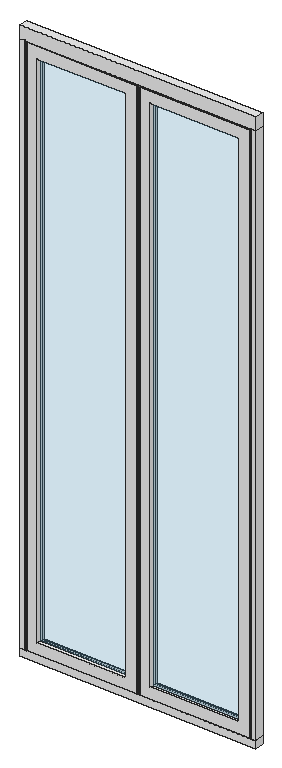
Revit family "Window-NanaWall-SL-45", category Windows, host Wall, Revit 2013
Parameters (values of type "Standard")
  Y N Override Stack [instance] = no
  Y N Overide Number of Panels [instance] = no
  Warranty URL = "http://www.nanawall.com/support/warranty"
  URL = "http://www.nanawall.com/"
  U Value = 0.57
  Thickness = 0' - 1 3/4"
  Subcategory = "Folding Window"  # constant formula
  Stack Thickness [instance] = 0' 1 3/4" * Overide Number of Panels  # 0' - 7"
  Split Stack Right [instance] = 0
  Split Stack [instance] = no
  Size Comment [instance] = if(or(Y N Override Stack, Y N Overide Number of Panels), "CONTACT NANAWALL FOR SPECIAL SIZING", " ")  # " "
  Size Chart [instance] = "http://www.nanawall.com/products/sl45/size"
  Single Right Stack [instance] = if(and(Y N Override Stack, Left Stack), 1 = 0, if(Right Standard = 1, 1 = 1, if(and(C Split Stack, Split Stack Right = 1), 1 = 1, 1 = 0)))  # yes
  Single Panel [instance] = if(and(Closed, Width < 3' 3 1/16"), 1 = 1, if(Width > 3' 3", 1 = 0, 1 = 0))  # no
  Single Left Stack [instance] = if(and(not(Y N Override Stack), (Left Standard = 1)), 1 = 1, if(and(Y N Override Stack, Left Stack, (Panels = 1)), 1 = 1, (if(and(C Split Stack, Split Stack Right = Panels - 1), 1 = 1, 1 = 0))))  # yes
  Sills Available = "Raised, Low Profile Saddle, Flush"  # constant formula
  Sash = Metal - NanaWall - Aluminum
  Rough Width = Width - (2 * (0' 0 121/128"))  # 3' - 10 7/64"
  Rough Height = Height + 0' 2 133/256"  # 9' - 8 133/256"
  Right Standard [instance] = roundup(Panels / 2)  # 1
  Right Stack Width [instance] = RS C * Thickness  # 0' - 3 1/2"
  Right Stack [instance] = yes
  RS C [instance] = if(RS = 1, 2, if(RS = 0, 2, if(C Split Stack, Split Stack Right, RS)))  # 2
  RS [instance] = if(Not Overide Stack, Right Standard, if(C Right Stack, Panels, if(C Left Stack, 2, if(C Split Stack, Split Stack Right, 2))))  # 1
  Product Page URL = "http://www.nanawall.com/products/sl45"
  Performance URL = "http://www.nanawall.com/products/sl45/testingresult"
  Panels [instance] = if(Y N Overide Number of Panels, Overide Number of Panels, Panel Constraint)  # 2
  Panel Width [instance] = Opening Width / Panels  # 1' - 11 7/128"
  Panel Height = Height Constraint - (0' 2 133/256")  # 9' - 3 123/256"
  Panel Constraint [instance] = if(Width < 4' 7", 2, if(Width < 6' 10", 2, if(Width < 9' 2", 3, if(Width < 11' 5", 4, if(Width < 13' 10", 5, if(Width < 16' 0", 6, if(Width < 18' 4", 7, if(Width < 20' 7", 8, if(Width < 22' 10", 10, if(Width < 33' 0", 11, if(Width < 36' 0", 12, if(Width < 39' 0", 13, if(Width < 42' 0", 14, if(Width < 45' 0", 15, if(Width < 48' 0", 16, if(Width < 51' 0", 17, if(Width < 54' 0", 18, if(Width < 57' 0", 19, if(Width < 60' 0", 20, 21)))))))))))))))))))  # 2
  Overide Number of Panels [instance] = 4
  Opening Width = Width - (0' 0 121/128" * 2)  # 3' - 10 7/64"
  Open Right Single [instance] = if(and(Open, Single Right Stack), 1 = 1, 1 = 0)  # no
  Open Right Multi [instance] = if(and(Open, Multiple Right Stack), 1 = 1, 1 = 0)  # no
  Open Left Single [instance] = if(and(Open, Single Left Stack), 1 = 1, 1 = 0)  # no
  Open Left Multi [instance] = if(and(Open, Multiple Left Stack), 1 = 1, 1 = 0)  # no
  Open [instance] = no
  Number of 2D Swings [instance] = 3
  Not Overide Stack [instance] = not(Y N Override Stack)  # yes
  NanaWall Configurator = "http://www.nanawall.com/products/sl45/options"
  Multiple Right Stack [instance] = if(Width < 3' 3 1/16", 1 = 0, if(and(Right Standard < 1.5, Not Overide Stack), 1 = 0, if(and(Right Standard > 1, Not Overide Stack), 1 = 1, (if(and(C Split Stack, Split Stack Right > 1), 1 = 1, if(C Right Stack, 1 = 1, 1 = 0))))))  # no
  Multiple Panel [instance] = if(and(Open, Width > 3' 3 1/16"), 1 = 0, if(and(Closed, Width > 3' 3 1/16"), 1 = 1, if(Width < 3' 3", 1 = 0, 1 = 1)))  # yes
  Multiple Left Stack [instance] = if(and(Left Standard > 1, Not Overide Stack), 1 = 1, (if(and(C Split Stack, Split Stack Right < Panels - 1), 1 = 1, if(C Left Stack, 1 = 1, 1 = 0))))  # no
  Max Panel Height = if(Panel Height > 9' 6", 9' 6", Panel Height)  # 9' - 3 123/256"
  Manufacturer Toll Free Phone = "(888) 411-NANA(6262)"  # constant formula
  Manufacturer Phone = "(415) 383-3148"  # constant formula
  Manufacturer Fax = "(415) 383-0312"  # constant formula
  Manufacturer Email = "mailto:info@nanawall.com"
  Manufacturer Address = "100 Meadowcreek Drive #250, Corte Madera, CA 94925"  # constant formula
  Left Standard [instance] = rounddown(Panels / 2)  # 1
  Left Stack Width [instance] = LS C * Thickness  # 0' - 3 1/2"
  Left Stack [instance] = no
  LS C [instance] = if(L S = 1, 2, if(L S = 0, 2, if(C Split Stack, Panels - Split Stack Right, L S)))  # 2
  L S [instance] = if(Not Overide Stack, Left Standard, if(C Left Stack, Panels, if(C Right Stack, 2, if(C Split Stack, Panels - Split Stack Right, 2))))  # 1
  Installation and Service URL = "http://www.nanawall.com/support/installer"
  Height Constraint = if(Height < 3' 3", 3' 3", if(Height > 9' 6", 9' 6", Height))  # 9' - 6"
  Half Panel Width [instance] = Panel Width / 2  # 0' - 11 135/256"
  Glazing Options = "http://www.nanawall.com/products/sl45/glazing"
  Glass Material = Glass - NanaWall - Generic
  Filler = Rubber - NanaWall - Black
  Exterior Wall Offset = 0' - 5"
  Engineering Details URL = "http://www.nanawall.com/products/sl45/cad-3d"
  Disclaimer = "Please note that the Revit model is for schematic purposes only.  To obtain a detailed 3D model, please go to the NanaWall's configurator at www.nanawall.com."  # constant formula
  Description = "Monumental Aluminum Framed Folding System"  # constant formula
  Cost Info = "http://www.nanawall.com/products/sl45/pricing"
  Closed [instance] = not(Open)  # yes
  Clearance On [instance] = no
  C Split Stack [instance] = if(and(Y N Override Stack, Split Stack), 1 = 1, if(Right Stack, 1 = 0, if(Left Stack, 1 = 0, 1 = 0)))  # no
  C Right Stack [instance] = if(and(Y N Override Stack, Right Stack), 1 = 1, if(Left Stack, 1 = 0, if(Split Stack, 1 = 0, 1 = 1)))  # yes
  C Left Stack [instance] = if(and(Y N Override Stack, Left Stack), 1 = 1, if(Right Stack, 1 = 0, if(Split Stack, 1 = 0, 1 = 0)))  # no
  Assembly Code = "B2030110"
  95 CSI = "8411"  # constant formula
  04 CSI = "08 41 13"  # constant formula
  Model = "SL-45"  # constant formula
  Manufacturer = "NanaWall Systems, Inc."  # constant formula
  Height = 9' - 6"
  Wall Closure = By host
  Width = 4' - 0"
Reference planes (in)
  plane 1 "Center (Front/Back)": y = 0
  plane 2 "Center (Left/Right)": x = 0
  plane 3 "Left": x = -24
  plane 4 "Right": x = 24
  plane 5 "Top": z = 114
  plane 6: z = 111.48047
  plane 7 "Top Edge Of Sill": z = 1.45703
  plane 8: z = 57
  plane 9: x = -23.05512
  plane 10: x = 23.05512
  plane 11: x = 20.5
  plane 12: y = 0.875
  plane 13: y = -0.875
  plane 14: x = 0.00043
  plane 15 "Sash Offset Plane": y = -2
  plane 16: z = -1.45669
  plane 17: y = -2.89316
  plane 18: x = -20.5
Lines and regions (in)
  Opening 1
    outline origin (-90, -3, 0) x (1, 0, 0) y (0, 0, 1)
      loop
        line (66, 0) -> (114, 0) -> (114, 114) -> (66, 114) -> (66, 0)
  symbolic lines
    curve 1: line (-24, -1.125, 0) -> (-24, -2.89316, 0)
    curve 2: line (-23.05512, -2.89316, 0) -> (-24, -2.89316, 0)
    curve 3: line (-23.05512, -1.125, 0) -> (-24, -1.125, 0)
    curve 4: line (-23.05512, -1.125, 0) -> (-23.05512, -2.89316, 0)
    curve 5: line (24, -1.125, 0) -> (23.05512, -1.125, 0)
    curve 6: line (24, -2.89316, 0) -> (23.05512, -2.89316, 0)
    curve 7: line (23.05512, -1.125, 0) -> (23.05512, -2.89316, 0)
    curve 8: line (24, -1.125, 0) -> (24, -2.89316, 0)
    curve 12: line (-24, -1.11573, 0) -> (24, -1.11573, 0)
    curve 13: line (-24, -2.89316, 0) -> (24, -2.89316, 0)
    curve 14: line (-23.05512, -1.74409, 0) -> (23.05512, -1.74409, 0)
    curve 15: line (-23.05512, -2.25591, 0) -> (23.05512, -2.25591, 0)
  symbolic lines, visible <- "Clearance On"
    curve 9: line (-24, -25.94785, 0) -> (-24, -2.89316, 0)
    curve 10: line (24, -25.94785, 0) -> (-24, -25.94785, 0)
    curve 11: line (24, -2.89316, 0) -> (24, -25.94785, 0)
Text (in)
  text "Exterior" at (-82.07294, 24.99392, 0), in view "Ref. Level"
  text "Interior" at (-82.07294, -25.14366, 0), in view "Ref. Level"
  text "Exterior" at (0, 40.15149, 123.01588), in view "Right"
  text "Interior" at (0, -64.39139, 123.01588), in view "Right"
  text "Interior" at (0, -31.01599, 123.00693), in view "Left"
  text "Exterior" at (0, 54.57065, 123.00693), in view "Left"
Dimensions and locks (in)
  "Height Constraint": level to plane 5 "Top"
  "Width": plane 3 "Left" to plane 4 "Right"
  equal spacing: plane 3 "Left", plane 2 "Center (Left/Right)", plane 4 "Right"
  locked: level to plane 7 "Top Edge Of Sill" at 1.45703
  locked: plane 6 to plane 5 "Top" at 2.51953
  equal spacing: level, plane 8, plane 5 "Top"
  locked: plane 3 "Left" to plane 9 at 0.94488
  locked: plane 10 to plane 4 "Right" at 0.94488
  locked: plane 12 to plane 13 at 1.75
  locked: host wall to plane 12 at 0.875
  "Right Stack Width": plane 11 to plane 4 "Right"
  equal spacing: plane 12, plane 1 "Center (Front/Back)", plane 13
  "Panel Width": plane 14 to plane 10
  group 2 to group 1 = 0' - 1 3/4"
  group 1 to group 2 = 0' - 0"  (x2)
  "Exterior Wall Offset": plane 15 "Sash Offset Plane" to host wall
  group 3 to group 4 = 1' - 11.05555"
  group 3 to group 4 = 0' - 0"
  group 4 to group 3 = 0' - 0.0013"
  locked: plane 17 to plane 15 "Sash Offset Plane" at 0.89316
  plane 6 to nested 1 = 0' - 2 133/256"
  locked: plane 15 "Sash Offset Plane" to curve 3 at 0.875
  locked: curve 2 to plane 15 "Sash Offset Plane" at 0.89316
  locked: plane 15 "Sash Offset Plane" to curve 5 at 0.875
  locked: curve 6 to plane 15 "Sash Offset Plane" at 0.89316
  "Left Stack Width": plane 3 "Left" to plane 18
  group 5 to group 6 = 0' - 1 3/4"
  group 5 to group 6 = 0' - 0"  (x2)
  "Panel Width": curve 10 to plane 17
  group 8 to group 7 = 0' - 1 3/4"
  group 7 to group 8 = 0' - 0"  (x2)
  group 9 to group 10 = 0' - 1 3/4"
  group 9 to group 10 = 0' - 0"  (x2)
  curve 13 to plane 15 "Sash Offset Plane" to curve 12 = 0' - 0.89316" locked, 0' - 0.88427" locked
  curve 15 to plane 15 "Sash Offset Plane" to curve 14 = 0' - 0.25591" locked, 0' - 0.25591" locked
  plane 5 "Top" to plane 6 = 0' - 2 133/256"
  aligned and locked: plane 3 "Left" to Opening 1 sketch curve
  aligned and locked: Opening 1 sketch curve to plane 4 "Right"
  aligned and locked: Opening 1 sketch curve to level
  aligned and locked: plane 2 "Center (Left/Right)" to nested 1
  aligned and locked: nested 3 to plane 3 "Left"
  aligned and locked: plane 6 to nested 3
  aligned and locked: nested 1 to plane 5 "Top"
  aligned and locked: nested 4 to plane 4 "Right"
  aligned and locked: nested 5 to plane 4 "Right"
  aligned and locked: nested 6 to plane 11
  aligned and locked: level to nested 2
  aligned and locked: level to nested 4
  aligned and locked: nested 7 to plane 15 "Sash Offset Plane"
  aligned and locked: plane 6 to nested 7
  aligned and locked: plane 6 to nested 8
  aligned and locked: nested 8 to plane 15 "Sash Offset Plane"
  aligned and locked: plane 15 "Sash Offset Plane" to nested 2  (x2)
  aligned and locked: plane 15 "Sash Offset Plane" to nested 1  (x2)
  aligned and locked: Opening 1 sketch curve to plane 5 "Top"
  aligned and locked: plane 15 "Sash Offset Plane" to nested 3
  aligned and locked: nested 4 to plane 15 "Sash Offset Plane"
  aligned and locked: nested 5 to plane 17
  aligned and locked: nested 6 to plane 17
  aligned and locked: plane 10 to nested 8
  aligned and locked: plane 9 to nested 7
  aligned and locked: plane 3 "Left" to curve 1
  aligned and locked: curve 7 to plane 10
  aligned and locked: plane 4 "Right" to curve 8
  aligned and locked: plane 3 "Left" to nested 9
  aligned and locked: nested 9 to plane 17
  aligned and locked: nested 10 to plane 18
  aligned and locked: nested 10 to plane 17
  aligned and locked: curve 9 to plane 3 "Left"
  aligned and locked: plane 17 to nested 11
  aligned and locked: plane 17 to nested 12
  aligned and locked: nested 11 to plane 3 "Left"
  aligned and locked: nested 12 to plane 4 "Right"
  aligned and locked: plane 11 to nested 13
  aligned and locked: plane 17 to nested 6
  aligned and locked: nested 14 to plane 18
  aligned and locked: plane 17 to nested 14
  aligned and locked: nested 15 to plane 17
  aligned and locked: nested 16 to plane 17
  aligned and locked: nested 16 to plane 4 "Right"
  aligned and locked: plane 3 "Left" to nested 15
  aligned and locked: plane 17 to nested 17
  aligned and locked: plane 17 to nested 18
  aligned and locked: nested 17 to plane 3 "Left"
  aligned and locked: nested 18 to plane 4 "Right"
  aligned and locked: plane 3 "Left" to curve 12
  aligned and locked: plane 4 "Right" to curve 12
  aligned and locked: plane 4 "Right" to curve 13
  aligned and locked: plane 3 "Left" to curve 13
  aligned and locked: plane 9 to curve 14
  aligned and locked: plane 9 to curve 15
  aligned and locked: plane 10 to curve 15
  aligned and locked: plane 6 to nested 11
  aligned and locked: plane 6 to nested 12
  aligned and locked: plane 6 to nested 18
  aligned and locked: plane 6 to nested 17
  aligned and locked: plane 17 to nested 13
  aligned and locked: nested 19 to plane 9
  aligned and locked: nested 19 to plane 15 "Sash Offset Plane"
  aligned and locked: plane 6 to nested 13
  aligned and locked: plane 6 to nested 14
Nested families (in)
  nested 1: "Header_SL-45" at (7.30207, -2, 0), type "Header_SL-45"
  nested 2: "Sill_SL-45" at (7.30207, -2, -1.45669), type "Sill_SL-45"
  nested 3: "Left-Jamb_SL-45" at (-16.69793, -2, 0), type "Left-Jamb_SL-45"
  nested 4: "Left-Jamb_SL-45" at (16.69793, -2, 0) x (-1, 0, 0) z (0, 0, 1), type "Left-Jamb_SL-45"
  nested 5: "DetailItem_Panel" at (23.07973, -12.76034, 0), visible <- "Multiple Right Stack", type "DetailItem_Panel"
    with Panel Width 1' - 11 7/128"
  nested 6: "DetailItem_Panel" at (21.32973, -12.76034, 0), visible <- "Multiple Right Stack", type "DetailItem_Panel"
    with Panel Width 1' - 11 7/128"
  nested 7: "Sash_SL45" at (-11.51543, -10.125, 0.0013) x (-1, 0, 0) z (0, 0, 1), visible <- "Multiple Panel", type "Sash_SL45"
  nested 8: "Sash_SL45" at (11.54012, -10.125, 0) x (-1, 0, 0) z (0, 0, 1), visible <- "Multiple Panel", type "Sash_SL45"
  nested 9: "DetailItem_Panel" at (-23.17027, -12.76034, 0), visible <- "Multiple Left Stack", type "DetailItem_Panel"
    with Panel Width 1' - 11 7/128"
  nested 10: "DetailItem_Panel" at (-21.42027, -12.76034, 0), visible <- "Multiple Left Stack", type "DetailItem_Panel"
    with Panel Width 1' - 11 7/128"
  nested 11: "Sash_SL45" at (-31.25, -14.43285, 0) x (0, 1, 0) z (0, 0, 1), visible <- "Open Left Multi", type "Sash_SL45"
  nested 12: "Sash_SL45" at (15, -14.43285, 0) x (0, 1, 0) z (0, 0, 1), visible <- "Open Right Multi", type "Sash_SL45"
  nested 13: "Sash_SL45" at (13.25, -14.43285, 0) x (0, 1, 0) z (0, 0, 1), visible <- "Open Right Multi", type "Sash_SL45"
  nested 14: "Sash_SL45" at (-29.5, -14.43285, 0) x (0, 1, 0) z (0, 0, 1), visible <- "Open Left Multi", type "Sash_SL45"
  nested 15: "DetailItem_Panel" at (-23.17027, -12.76034, 0), visible <- "Single Left Stack", type "DetailItem_Panel"
    with Panel Width 1' - 11 7/128"
  nested 16: "DetailItem_Panel" at (23.07973, -12.76034, 0), visible <- "Single Right Stack", type "DetailItem_Panel"
    with Panel Width 1' - 11 7/128"
  nested 17: "Sash_SL45" at (-31.25, -14.43285, 0) x (0, 1, 0) z (0, 0, 1), visible <- "Open Left Single", type "Sash_SL45"
  nested 18: "Sash_SL45" at (15, -14.43285, 0) x (0, 1, 0) z (0, 0, 1), visible <- "Open Right Single", type "Sash_SL45"
  nested 19: "Sash_SL45" at (0.01192, -10.125, 0.92318) x (-1, 0, 0) z (0, 0, 1), visible <- "Single Panel", type "Sash_SL45 full"
Definition of nested family "Header_SL-45"
  Parameters (values of type "Header_SL-45")
    Width = 4' - 0"
    Height = 9' - 6"
    Header = none
    Half = yes
    Assembly Code = ""
  Reference planes (in)
    plane 1 "Center (Front/Back)": y = 0
    plane 2: z = 0
    plane 3 "Center (Left/Right)": x = -7.30207
    plane 4 "Left": x = -31.30207
    plane 5 "Right": x = 16.69793
    plane 6 "Top": z = 114
  Forms (in)
    Sweep 1, solid, material <- "Header"
      path origin (-67.09578, -180, 114) x (-1, 0, 0) y (0, -1, 0)
        loop
          line (-35.79371, -180) -> (-83.79371, -180)
      profile "Profile_Head_SL-45 : Profile_Head_SL-45" origin (-7.30207, 0, 114) x (0, 1, 0) y (0, 0, 1)
        loop
          line (0.88583, 0) -> (-0.88583, 0) -> (-0.88583, -2.51969) -> (0.88583, -2.51969) -> (0.88583, 0)
  Dimensions and locks (in)
    equal spacing: plane 4 "Left", plane 3 "Center (Left/Right)", plane 5 "Right"
    "Width": plane 4 "Left" to plane 5 "Right"
    "Height": plane 6 "Top" to level
    aligned and locked: nested 1 to plane 6 "Top"
    aligned and locked: plane 1 "Center (Front/Back)" to nested 1
  Automatic sketch dimensions
    Sweep 1 sketch curve to plane 1 "Center (Front/Back)" = 0' - 0"
    Sweep 1 sketch curve to plane 5 "Right" = 0' - 0"
    Sweep 1 sketch curve to plane 4 "Left" = 0' - 0"
  Nested families (in)
    nested 1: "Header_Nana_Walls-S45" at (-31.30207, 0, 114) x (0, -1, 0) z (-1, 0, 0), type "Header_Nana_Walls-S45", detail levels fine
  Definition of nested family "Header_Nana_Walls-S45"
    Parameters (values of type "Header_Nana_Walls-S45")
      SmartBIM Object Version = 1  # constant formula
      SmartBIM Object Created By = "Reed Construction Data"  # constant formula
      Half = yes
      Assembly Code = ""
      95 CSI = ""
      04 CSI = ""
    Reference planes (in)
      plane 1 "Center (Front/Back)": y = 0
      plane 2: z = 0
      plane 3 "Center (Left/Right)": x = 0
    Lines and regions (in)
      model lines, style "DetailComponents", in view "Ref. Level"
        curve 1: arc (0.18449, -1.34699, 0) -> (0, -0.76359, 0) -> (-0.18448, -1.34699, 0) r 0.32087
        curve 2: arc (-0.26378, -0.29706, 0) -> (-0.29997, -0.31205, 0) -> (-0.31496, -0.34824, 0) r 0.05118
        curve 3: arc (-0.70866, -1.47816, 0) -> (-0.59055, -1.59627, 0) -> (-0.47244, -1.47816, 0) r 0.11811
        curve 4: arc (-0.47244, -0.69076, 0) -> (-0.59055, -0.57265, 0) -> (-0.70866, -0.69076, 0) r 0.11811
        curve 5: circle (0, -1.08446, 0) r 0.15748 normal (0, 0, 1)
        curve 6: circle (0, -1.08446, 0) r 0.1378 normal (0, 0, 1)
        curve 7: arc (-0.09137, -1.23625, 0) -> (0, -1.26163, 0) -> (0.09137, -1.23625, 0) r 0.17717
        curve 8: arc (-0.18448, -1.34699, 0) -> (-0.15004, -1.35233, 0) -> (-0.12485, -1.32824, 0) r 0.03937
        curve 9: arc (-0.08965, -1.23152, 0) -> (-0.08924, -1.2193, 0) -> (-0.09613, -1.2092, 0) r 0.01969
        curve 10: arc (0.09613, -1.2092, 0) -> (0.08924, -1.2193, 0) -> (0.08965, -1.23152, 0) r 0.01969
        curve 11: arc (0.12485, -1.32824, 0) -> (0.15004, -1.35233, 0) -> (0.18449, -1.34699, 0) r 0.03937
        curve 12: arc (-0.02614, -0.90923, 0) -> (-0.10494, -0.94172, 0) -> (-0.15945, -1.00724, 0) r 0.17717
        curve 13: arc (-0.06451, -0.85722, 0) -> (-0.14996, -0.90194, 0) -> (-0.21041, -0.97709, 0) r 0.23622
        curve 14: arc (-0.21041, -0.97709, 0) -> (-0.20966, -0.99632, 0) -> (-0.19287, -1.00572, 0) r 0.01969
        curve 15: arc (-0.14847, -1.03197, 0) -> (-0.15096, -1.01404, 0) -> (-0.16703, -1.00572, 0) r 0.01969
        curve 16: arc (-0.04063, -0.86942, 0) -> (-0.05017, -0.85863, 0) -> (-0.06451, -0.85722, 0) r 0.01969
        curve 17: arc (0.21041, -0.97709, 0) -> (0.14996, -0.90194, 0) -> (0.06451, -0.85722, 0) r 0.23622
        curve 18: arc (0.15945, -1.00724, 0) -> (0.10494, -0.94172, 0) -> (0.02614, -0.90923, 0) r 0.17717
        curve 19: arc (-0.0244, -0.91403, 0) -> (-0.01719, -0.92342, 0) -> (-0.0059, -0.92698, 0) r 0.01969
        curve 20: arc (0.0059, -0.92698, 0) -> (0.01719, -0.92342, 0) -> (0.0244, -0.91403, 0) r 0.01969
        curve 21: arc (0.06451, -0.85722, 0) -> (0.05017, -0.85863, 0) -> (0.04063, -0.86942, 0) r 0.01969
        curve 22: arc (0.16703, -1.00572, 0) -> (0.15096, -1.01404, 0) -> (0.14847, -1.03197, 0) r 0.01969
        curve 23: arc (0.19287, -1.00572, 0) -> (0.20966, -0.99632, 0) -> (0.21041, -0.97709, 0) r 0.01969
        curve 24: arc (0.47244, -1.47816, 0) -> (0.59055, -1.59627, 0) -> (0.70866, -1.47816, 0) r 0.11811
        curve 25: arc (0.70866, -0.69076, 0) -> (0.59055, -0.57265, 0) -> (0.47244, -0.69076, 0) r 0.11811
        curve 26: arc (0.31496, -0.34824, 0) -> (0.29997, -0.31205, 0) -> (0.26378, -0.29706, 0) r 0.05118
        curve 27: line (-0.28543, -1.32068, 0) -> (-0.28543, -2.63761, 0)
        curve 28: line (0, -2.63761, 0) -> (0, -0.21853, 0)
        curve 29: line (0.28543, -1.32068, 0) -> (0.28543, -2.63761, 0)
        curve 47: line (0.21715, -1.32068, 0) -> (0.3937, -1.32068, 0)
        curve 48: line (0.3937, -1.32068, 0) -> (0.3937, -0.84824, 0)
        curve 49: line (0.3937, -0.84824, 0) -> (0.21715, -0.84824, 0)
        curve 50: line (-0.34449, -0.84824, 0) -> (-0.34449, -0.69076, 0)
        curve 51: line (-0.34449, -0.69076, 0) -> (0.34449, -0.69076, 0)
        curve 52: line (0.34449, -0.69076, 0) -> (0.34449, -0.84824, 0)
        curve 53: line (0.31496, -0.69076, 0) -> (0.31496, -0.34824, 0)
        curve 54: line (0.31496, -0.34824, 0) -> (-0.31496, -0.34824, 0)
        curve 55: line (-0.31496, -0.34824, 0) -> (-0.31496, -0.69076, 0)
        curve 56: line (0.26378, -0.29706, 0) -> (-0.26378, -0.29706, 0)
        curve 57: line (0.33097, -1.08446, 0) -> (-0.36397, -1.08446, 0)
        curve 58: line (-0.21715, -0.84824, 0) -> (-0.3937, -0.84824, 0)
        curve 59: line (-0.3937, -0.84824, 0) -> (-0.3937, -1.32068, 0)
        curve 60: line (-0.3937, -1.32068, 0) -> (-0.21715, -1.32068, 0)
        curve 61: line (-0.70866, -0.69076, 0) -> (-0.70866, -1.47816, 0)
        curve 62: line (-0.72047, -1.00966, 0) -> (-0.75984, -1.00966, 0)
        curve 63: line (-0.75984, -1.00966, 0) -> (-0.75984, -1.15926, 0)
        curve 64: line (-0.75984, -1.15926, 0) -> (-0.72047, -1.15926, 0)
        curve 65: line (-0.70866, -0.9073, 0) -> (-0.72047, -0.9073, 0)
        curve 66: line (-0.72047, -0.9073, 0) -> (-0.72047, -1.26163, 0)
        curve 67: line (-0.72047, -1.26163, 0) -> (-0.70866, -1.26163, 0)
        curve 68: line (-0.47244, -0.69076, 0) -> (-0.47244, -1.47816, 0)
        curve 69: line (-0.3937, -1.26163, 0) -> (-0.47244, -1.26163, 0)
        curve 70: line (-0.3937, -0.9073, 0) -> (-0.47244, -0.9073, 0)
        curve 71: line (-0.1221, -1.32068, 0) -> (0.1221, -1.32068, 0)
        curve 72: line (-0.12485, -1.32824, 0) -> (-0.09137, -1.23625, 0)
        curve 73: line (0.09137, -1.23625, 0) -> (0.12485, -1.32824, 0)
        curve 74: line (-0.04063, -0.86942, 0) -> (-0.02614, -0.90923, 0)
        curve 75: line (-0.16703, -1.00572, 0) -> (-0.19287, -1.00572, 0)
        curve 76: line (0.02614, -0.90923, 0) -> (0.04063, -0.86942, 0)
        curve 77: line (0.19287, -1.00572, 0) -> (0.16703, -1.00572, 0)
        curve 78: line (0.70866, -0.69076, 0) -> (0.70866, -1.47816, 0)
        curve 79: line (0.47244, -0.69076, 0) -> (0.47244, -1.47816, 0)
        curve 80: line (0.70866, -0.9073, 0) -> (0.72047, -0.9073, 0)
        curve 81: line (0.72047, -0.9073, 0) -> (0.72047, -1.26163, 0)
        curve 82: line (0.72047, -1.26163, 0) -> (0.70866, -1.26163, 0)
        curve 83: line (0.72047, -1.00966, 0) -> (0.75984, -1.00966, 0)
        curve 84: line (0.75984, -1.00966, 0) -> (0.75984, -1.15926, 0)
        curve 85: line (0.75984, -1.15926, 0) -> (0.72047, -1.15926, 0)
        curve 86: line (0.3937, -1.26163, 0) -> (0.47244, -1.26163, 0)
        curve 87: line (0.3937, -0.9073, 0) -> (0.47244, -0.9073, 0)
        curve 111: line (-0.55905, -2.45669, 0) -> (-0.77165, -2.45669, 0)
        curve 112: line (-0.60468, -2.40551, 0) -> (-0.7397, -2.40551, 0)
        curve 114: line (0.55906, -2.45669, 0) -> (0.77165, -2.45669, 0)
        curve 121: line (0.60468, -2.40551, 0) -> (0.7397, -2.40551, 0)
        curve 155: arc (-0.46201, -2.30012, 0) -> (-0.4932, -2.30208, 0) -> (-0.49515, -2.33327, 0) r 0.02362
        curve 156: arc (-0.59146, -2.33327, 0) -> (-0.59342, -2.30208, 0) -> (-0.6246, -2.30012, 0) r 0.02362
        curve 157: arc (-0.69939, -2.31328, 0) -> (-0.76696, -2.30166, 0) -> (-0.76854, -2.37021, 0) r 0.04528
        curve 158: arc (-0.44832, -2.38732, 0) -> (-0.39039, -2.31489, 0) -> (-0.38057, -2.22268, 0) r 0.16535
        curve 159: arc (-0.59146, -2.33327, 0) -> (-0.54331, -2.34646, 0) -> (-0.49515, -2.33327, 0) r 0.09449
        curve 160: arc (-0.79528, -2.40551, 0) -> (-0.80919, -2.41128, 0) -> (-0.81496, -2.4252, 0) r 0.01969
        curve 161: arc (-0.81496, -2.43701, 0) -> (-0.80919, -2.45093, 0) -> (-0.79528, -2.45669, 0) r 0.01969
        curve 162: arc (-0.68501, -2.33719, 0) -> (-0.65043, -2.37793, 0) -> (-0.60468, -2.40551, 0) r 0.16535
        curve 163: arc (-0.75591, -2.47244, 0) -> (-0.76052, -2.46131, 0) -> (-0.77165, -2.45669, 0) r 0.01575
        curve 164: arc (-0.77559, -2.51969, 0) -> (-0.76167, -2.51392, 0) -> (-0.75591, -2.5, 0) r 0.01969
        curve 165: arc (-0.7397, -2.40551, 0) -> (-0.73603, -2.40299, 0) -> (-0.73706, -2.39865, 0) r 0.00394
        curve 166: arc (-0.55905, -2.45669, 0) -> (-0.57297, -2.46246, 0) -> (-0.57874, -2.47638, 0) r 0.01969
        curve 167: arc (-0.57874, -2.5, 0) -> (-0.57297, -2.51392, 0) -> (-0.55905, -2.51969, 0) r 0.01969
        curve 168: arc (-0.52756, -2.4252, 0) -> (-0.53332, -2.41128, 0) -> (-0.54724, -2.40551, 0) r 0.01969
        curve 169: arc (-0.54724, -2.45669, 0) -> (-0.53332, -2.45093, 0) -> (-0.52756, -2.43701, 0) r 0.01969
        curve 170: arc (-0.37402, -2.51969, 0) -> (-0.31834, -2.49662, 0) -> (-0.29528, -2.44094, 0) r 0.07874
        curve 171: arc (-0.45669, -2.41732, 0) -> (-0.44452, -2.44579, 0) -> (-0.41552, -2.45665, 0) r 0.03937
        curve 172: arc (-0.44832, -2.38732, 0) -> (-0.45447, -2.39435, 0) -> (-0.45669, -2.40343, 0) r 0.01969
        curve 173: arc (-0.41552, -2.45665, 0) -> (-0.38902, -2.45101, 0) -> (-0.3684, -2.43343, 0) r 0.05512
        curve 174: arc (-0.29528, -2.42913, 0) -> (-0.31722, -2.39912, 0) -> (-0.35248, -2.41093, 0) r 0.0315
        curve 175: arc (-0.49858, -2.17678, 0) -> (-0.49054, -2.20415, 0) -> (-0.46201, -2.20382, 0) r 0.02362
        curve 176: arc (-0.60314, -2.14833, 0) -> (-0.6332, -2.12885, 0) -> (-0.66659, -2.14178, 0) r 0.03937
        curve 177: arc (-0.66659, -2.14178, 0) -> (-0.68622, -2.16879, 0) -> (-0.70001, -2.1992, 0) r 0.16535
        curve 178: arc (-0.71867, -2.2126, 0) -> (-0.70718, -2.2089, 0) -> (-0.70001, -2.1992, 0) r 0.01969
        curve 179: arc (-0.6246, -2.20382, 0) -> (-0.59608, -2.20415, 0) -> (-0.58803, -2.17678, 0) r 0.02362
        curve 180: arc (-0.6246, -2.20382, 0) -> (-0.63779, -2.25197, 0) -> (-0.6246, -2.30012, 0) r 0.09449
        curve 181: arc (-0.78346, -1.4815, 0) -> (-0.77819, -1.50119, 0) -> (-0.76378, -1.5156, 0) r 0.03937
        curve 182: arc (-0.59909, -1.61068, 0) -> (-0.5794, -1.61596, 0) -> (-0.55972, -1.61068, 0) r 0.03937
        curve 183: arc (-0.46201, -2.30012, 0) -> (-0.44882, -2.25197, 0) -> (-0.46201, -2.20382, 0) r 0.09449
        curve 184: arc (-0.36119, -2.19951, 0) -> (-0.3763, -2.20657, 0) -> (-0.38057, -2.22268, 0) r 0.01969
        curve 185: arc (-0.44937, -2.12864, 0) -> (-0.46906, -2.13392, 0) -> (-0.48347, -2.14833, 0) r 0.03937
        curve 186: arc (-0.33465, -2.19951, 0) -> (-0.30681, -2.18798, 0) -> (-0.29528, -2.16014, 0) r 0.03937
        curve 187: arc (-0.31496, -2.07155, 0) -> (-0.32888, -2.07731, 0) -> (-0.33465, -2.09123, 0) r 0.01969
        curve 188: arc (-0.29528, -2.09123, 0) -> (-0.30104, -2.07731, 0) -> (-0.31496, -2.07155, 0) r 0.01969
        curve 189: arc (-0.35433, -2.12864, 0) -> (-0.34041, -2.12288, 0) -> (-0.33465, -2.10896, 0) r 0.01969
        curve 190: arc (-0.33465, -1.77559, 0) -> (-0.30681, -1.76406, 0) -> (-0.29528, -1.73622, 0) r 0.03937
        curve 191: arc (-0.38924, -1.55772, 0) -> (-0.41315, -1.53937, 0) -> (-0.44302, -1.54331, 0) r 0.03937
        curve 192: arc (-0.49515, -0.29272, 0) -> (-0.4932, -0.32391, 0) -> (-0.46201, -0.32586, 0) r 0.02362
        curve 193: arc (-0.46201, -0.42217, 0) -> (-0.49054, -0.42183, 0) -> (-0.49858, -0.44921, 0) r 0.02362
        curve 194: arc (-0.49515, -0.29272, 0) -> (-0.54331, -0.27953, 0) -> (-0.59146, -0.29272, 0) r 0.09449
        curve 195: arc (-0.70001, -0.42679, 0) -> (-0.68622, -0.45719, 0) -> (-0.66659, -0.48421, 0) r 0.16535
        curve 196: arc (-0.66659, -0.48421, 0) -> (-0.6332, -0.49713, 0) -> (-0.60314, -0.47766, 0) r 0.03937
        curve 197: arc (-0.54331, -0.20866, 0) -> (-0.63978, -0.23972, 0) -> (-0.70001, -0.32124, 0) r 0.16535
        curve 198: arc (-0.80709, -0.31496, 0) -> (-0.80132, -0.32888, 0) -> (-0.7874, -0.33465, 0) r 0.01969
        curve 199: arc (-0.76378, -0.41339, 0) -> (-0.7777, -0.41915, 0) -> (-0.78346, -0.43307, 0) r 0.01969
        curve 200: arc (-0.70001, -0.42679, 0) -> (-0.70718, -0.41708, 0) -> (-0.71867, -0.41339, 0) r 0.01969
        curve 201: arc (-0.71867, -0.33465, 0) -> (-0.70718, -0.33095, 0) -> (-0.70001, -0.32124, 0) r 0.01969
        curve 202: arc (-0.6246, -0.32586, 0) -> (-0.59342, -0.32391, 0) -> (-0.59146, -0.29272, 0) r 0.02362
        curve 203: arc (-0.58803, -0.44921, 0) -> (-0.59608, -0.42183, 0) -> (-0.6246, -0.42217, 0) r 0.02362
        curve 204: arc (-0.6246, -0.32586, 0) -> (-0.63779, -0.37402, 0) -> (-0.6246, -0.42217, 0) r 0.09449
        curve 205: arc (-0.42002, -0.48421, 0) -> (-0.37861, -0.38872, 0) -> (-0.40245, -0.2874, 0) r 0.16535
        curve 206: arc (-0.48347, -0.47766, 0) -> (-0.45342, -0.49713, 0) -> (-0.42002, -0.48421, 0) r 0.03937
        curve 207: arc (-0.46201, -0.42217, 0) -> (-0.44882, -0.37402, 0) -> (-0.46201, -0.32586, 0) r 0.09449
        curve 208: arc (-0.33465, -0.2874, 0) -> (-0.26505, -0.25857, 0) -> (-0.23622, -0.18898, 0) r 0.09843
        curve 209: arc (-0.33465, -0.20866, 0) -> (-0.32073, -0.2029, 0) -> (-0.31496, -0.18898, 0) r 0.01969
        curve 210: arc (-0.21654, -0.07874, 0) -> (-0.23045, -0.08451, 0) -> (-0.23622, -0.09843, 0) r 0.01969
        curve 211: arc (0.62461, -2.30012, 0) -> (0.59342, -2.30208, 0) -> (0.59146, -2.33327, 0) r 0.02362
        curve 212: arc (0.76855, -2.37021, 0) -> (0.76696, -2.30166, 0) -> (0.69939, -2.31328, 0) r 0.04528
        curve 213: arc (0.49515, -2.33327, 0) -> (0.4932, -2.30208, 0) -> (0.46201, -2.30012, 0) r 0.02362
        curve 214: arc (0.38057, -2.22268, 0) -> (0.39039, -2.31489, 0) -> (0.44832, -2.38732, 0) r 0.16535
        curve 215: arc (0.29528, -2.44094, 0) -> (0.31834, -2.49662, 0) -> (0.37402, -2.51969, 0) r 0.07874
        curve 216: arc (0.35248, -2.41093, 0) -> (0.31722, -2.39912, 0) -> (0.29528, -2.42913, 0) r 0.0315
        curve 217: arc (0.3684, -2.43343, 0) -> (0.38902, -2.45101, 0) -> (0.41552, -2.45665, 0) r 0.05512
        curve 218: arc (0.57874, -2.47638, 0) -> (0.57297, -2.46246, 0) -> (0.55906, -2.45669, 0) r 0.01969
        curve 219: arc (0.55906, -2.51969, 0) -> (0.57297, -2.51392, 0) -> (0.57874, -2.5, 0) r 0.01969
        curve 220: arc (0.49515, -2.33327, 0) -> (0.54331, -2.34646, 0) -> (0.59146, -2.33327, 0) r 0.09449
        curve 221: arc (0.45669, -2.40343, 0) -> (0.45447, -2.39435, 0) -> (0.44832, -2.38732, 0) r 0.01969
        curve 222: arc (0.41552, -2.45665, 0) -> (0.44452, -2.44579, 0) -> (0.45669, -2.41732, 0) r 0.03937
        curve 223: arc (0.54724, -2.40551, 0) -> (0.53332, -2.41128, 0) -> (0.52756, -2.4252, 0) r 0.01969
        curve 224: arc (0.52756, -2.43701, 0) -> (0.53332, -2.45093, 0) -> (0.54724, -2.45669, 0) r 0.01969
        curve 225: arc (0.60468, -2.40551, 0) -> (0.65043, -2.37793, 0) -> (0.68501, -2.33719, 0) r 0.16535
        curve 226: arc (0.77165, -2.45669, 0) -> (0.76052, -2.46131, 0) -> (0.75591, -2.47244, 0) r 0.01575
        curve 227: arc (0.75591, -2.5, 0) -> (0.76167, -2.51392, 0) -> (0.77559, -2.51969, 0) r 0.01969
        curve 228: arc (0.81496, -2.4252, 0) -> (0.8092, -2.41128, 0) -> (0.79528, -2.40551, 0) r 0.01969
        curve 229: arc (0.79528, -2.45669, 0) -> (0.8092, -2.45093, 0) -> (0.81496, -2.43701, 0) r 0.01969
        curve 230: arc (0.73706, -2.39865, 0) -> (0.73603, -2.40299, 0) -> (0.7397, -2.40551, 0) r 0.00394
        curve 231: arc (0.29528, -2.16014, 0) -> (0.30681, -2.18798, 0) -> (0.33465, -2.19951, 0) r 0.03937
        curve 232: arc (0.38057, -2.22268, 0) -> (0.3763, -2.20657, 0) -> (0.36119, -2.19951, 0) r 0.01969
        curve 233: arc (0.33465, -2.10896, 0) -> (0.34041, -2.12288, 0) -> (0.35433, -2.12864, 0) r 0.01969
        curve 234: arc (0.33465, -2.09123, 0) -> (0.32888, -2.07731, 0) -> (0.31496, -2.07155, 0) r 0.01969
        curve 235: arc (0.31496, -2.07155, 0) -> (0.30104, -2.07731, 0) -> (0.29528, -2.09123, 0) r 0.01969
        curve 236: arc (0.29528, -1.73622, 0) -> (0.30681, -1.76406, 0) -> (0.33465, -1.77559, 0) r 0.03937
        curve 237: arc (0.46201, -2.20382, 0) -> (0.49054, -2.20415, 0) -> (0.49858, -2.17678, 0) r 0.02362
        curve 238: arc (0.46201, -2.20382, 0) -> (0.44882, -2.25197, 0) -> (0.46201, -2.30012, 0) r 0.09449
        curve 239: arc (0.48347, -2.14833, 0) -> (0.46906, -2.13392, 0) -> (0.44937, -2.12864, 0) r 0.03937
        curve 240: arc (0.70001, -2.1992, 0) -> (0.68622, -2.16879, 0) -> (0.66659, -2.14178, 0) r 0.16535
        curve 241: arc (0.62461, -2.30012, 0) -> (0.6378, -2.25197, 0) -> (0.62461, -2.20382, 0) r 0.09449
        curve 242: arc (0.58803, -2.17678, 0) -> (0.59608, -2.20415, 0) -> (0.62461, -2.20382, 0) r 0.02362
        curve 243: arc (0.70001, -2.1992, 0) -> (0.70718, -2.2089, 0) -> (0.71867, -2.2126, 0) r 0.01969
        curve 244: arc (0.66659, -2.14178, 0) -> (0.6332, -2.12885, 0) -> (0.60314, -2.14833, 0) r 0.03937
        curve 245: arc (0.44302, -1.54331, 0) -> (0.41315, -1.53937, 0) -> (0.38924, -1.55772, 0) r 0.03937
        curve 246: arc (0.55972, -1.61068, 0) -> (0.5794, -1.61596, 0) -> (0.59909, -1.61068, 0) r 0.03937
        curve 247: arc (0.76378, -1.5156, 0) -> (0.77819, -1.50119, 0) -> (0.78346, -1.4815, 0) r 0.03937
        curve 248: arc (0.66659, -0.48421, 0) -> (0.68622, -0.45719, 0) -> (0.70001, -0.42679, 0) r 0.16535
        curve 249: arc (0.40245, -0.2874, 0) -> (0.37861, -0.38872, 0) -> (0.42002, -0.48421, 0) r 0.16535
        curve 250: arc (0.42002, -0.48421, 0) -> (0.45342, -0.49713, 0) -> (0.48347, -0.47766, 0) r 0.03937
        curve 251: arc (0.60314, -0.47766, 0) -> (0.6332, -0.49713, 0) -> (0.66659, -0.48421, 0) r 0.03937
        curve 252: arc (0.23622, -0.18898, 0) -> (0.26505, -0.25857, 0) -> (0.33465, -0.2874, 0) r 0.09843
        curve 253: arc (0.31496, -0.18898, 0) -> (0.32073, -0.2029, 0) -> (0.33465, -0.20866, 0) r 0.01969
        curve 254: arc (0.23622, -0.09843, 0) -> (0.23046, -0.08451, 0) -> (0.21654, -0.07874, 0) r 0.01969
        curve 255: arc (0.70001, -0.32124, 0) -> (0.63979, -0.23972, 0) -> (0.54331, -0.20866, 0) r 0.16535
        curve 256: arc (0.59146, -0.29272, 0) -> (0.54331, -0.27953, 0) -> (0.49515, -0.29272, 0) r 0.09449
        curve 257: arc (0.46201, -0.32586, 0) -> (0.4932, -0.32391, 0) -> (0.49515, -0.29272, 0) r 0.02362
        curve 258: arc (0.49858, -0.44921, 0) -> (0.49054, -0.42183, 0) -> (0.46201, -0.42217, 0) r 0.02362
        curve 259: arc (0.46201, -0.32586, 0) -> (0.44882, -0.37402, 0) -> (0.46201, -0.42217, 0) r 0.09449
        curve 260: arc (0.59146, -0.29272, 0) -> (0.59342, -0.32391, 0) -> (0.62461, -0.32586, 0) r 0.02362
        curve 261: arc (0.62461, -0.42217, 0) -> (0.6378, -0.37402, 0) -> (0.62461, -0.32586, 0) r 0.09449
        curve 262: arc (0.62461, -0.42217, 0) -> (0.59608, -0.42183, 0) -> (0.58803, -0.44921, 0) r 0.02362
        curve 263: arc (0.71867, -0.41339, 0) -> (0.70718, -0.41708, 0) -> (0.70001, -0.42679, 0) r 0.01969
        curve 264: arc (0.70001, -0.32124, 0) -> (0.70718, -0.33095, 0) -> (0.71867, -0.33465, 0) r 0.01969
        curve 265: arc (0.7874, -0.33465, 0) -> (0.80132, -0.32888, 0) -> (0.80709, -0.31496, 0) r 0.01969
        curve 266: arc (0.78346, -0.43307, 0) -> (0.7777, -0.41915, 0) -> (0.76378, -0.41339, 0) r 0.01969
        curve 333: line (0.21654, -0.07874, 0) -> (0, -0.07874, 0)
        curve 334: line (0, -0.07874, 0) -> (-0.21654, -0.07874, 0)
        curve 335: line (-0.78346, -0.43307, 0) -> (-0.78346, -1.4815, 0)
        curve 336: line (-0.69939, -2.31328, 0) -> (-0.68501, -2.33719, 0)
        curve 337: line (-0.37402, -2.51969, 0) -> (-0.55905, -2.51969, 0)
        curve 338: line (-0.75591, -2.47244, 0) -> (-0.75591, -2.5, 0)
        curve 339: line (-0.73706, -2.39865, 0) -> (-0.76854, -2.37021, 0)
        curve 340: line (-0.7397, -2.40551, 0) -> (-0.79528, -2.40551, 0)
        curve 341: line (-0.79528, -2.45669, 0) -> (-0.77165, -2.45669, 0)
        curve 342: line (-0.81496, -2.4252, 0) -> (-0.81496, -2.43701, 0)
        curve 343: line (-0.57874, -2.47638, 0) -> (-0.57874, -2.5, 0)
        curve 344: line (-0.54724, -2.40551, 0) -> (-0.60468, -2.40551, 0)
        curve 345: line (-0.54724, -2.45669, 0) -> (-0.55905, -2.45669, 0)
        curve 346: line (-0.52756, -2.4252, 0) -> (-0.52756, -2.43701, 0)
        curve 347: line (-0.35248, -2.41093, 0) -> (-0.3684, -2.43343, 0)
        curve 348: line (-0.45669, -2.40343, 0) -> (-0.45669, -2.41732, 0)
        curve 349: line (-0.29528, -2.42913, 0) -> (-0.29528, -2.44094, 0)
        curve 350: line (-0.44302, -1.54331, 0) -> (-0.55972, -1.61068, 0)
        curve 351: line (-0.60314, -2.14833, 0) -> (-0.59055, -2.17014, 0)
        curve 352: line (-0.59055, -2.17014, 0) -> (-0.58803, -2.17678, 0)
        curve 353: line (-0.76378, -1.5156, 0) -> (-0.59909, -1.61068, 0)
        curve 354: line (-0.29528, -1.73622, 0) -> (-0.29528, -1.72047, 0)
        curve 355: line (-0.29528, -1.72047, 0) -> (-0.38924, -1.55772, 0)
        curve 356: line (-0.44937, -2.12864, 0) -> (-0.37402, -2.12864, 0)
        curve 357: line (-0.37402, -2.12864, 0) -> (-0.35433, -2.12864, 0)
        curve 358: line (-0.36119, -2.19951, 0) -> (-0.33465, -2.19951, 0)
        curve 359: line (-0.48347, -2.14833, 0) -> (-0.49606, -2.17014, 0)
        curve 360: line (-0.49606, -2.17014, 0) -> (-0.49858, -2.17678, 0)
        curve 361: line (-0.33465, -2.09123, 0) -> (-0.33465, -2.10896, 0)
        curve 362: line (-0.29528, -2.16014, 0) -> (-0.29528, -2.09123, 0)
        curve 363: line (-0.33465, -1.77559, 0) -> (-0.37402, -1.77559, 0)
        curve 364: line (-0.37402, -1.77559, 0) -> (-0.37402, -1.72047, 0)
        curve 365: line (-0.37402, -1.72047, 0) -> (-0.78346, -1.72047, 0)
        curve 366: line (-0.78346, -1.72047, 0) -> (-0.78346, -2.2126, 0)
        curve 367: line (-0.78346, -2.2126, 0) -> (-0.71867, -2.2126, 0)
        curve 368: line (-0.54331, -0.20866, 0) -> (-0.33465, -0.20866, 0)
        curve 369: line (-0.60314, -0.47766, 0) -> (-0.59055, -0.45584, 0)
        curve 370: line (-0.59055, -0.45584, 0) -> (-0.58803, -0.44921, 0)
        curve 371: line (-0.80709, -0.31496, 0) -> (-0.80709, -0.05906, 0)
        curve 372: line (-0.80709, -0.05906, 0) -> (-0.68898, -0.05906, 0)
        curve 373: line (-0.68898, -0.05906, 0) -> (-0.7048, 0, 0)
        curve 374: line (-0.7048, 0, 0) -> (-0.88583, 0, 0)
        curve 375: line (-0.88583, 0, 0) -> (-0.88583, -2.51969, 0)
        curve 376: line (-0.88583, -2.51969, 0) -> (-0.77559, -2.51969, 0)
        curve 377: line (-0.71867, -0.41339, 0) -> (-0.77559, -0.41339, 0)
        curve 378: line (-0.71867, -0.33465, 0) -> (-0.7874, -0.33465, 0)
        curve 379: line (-0.48347, -0.47766, 0) -> (-0.49606, -0.45584, 0)
        curve 380: line (-0.49606, -0.45584, 0) -> (-0.49858, -0.44921, 0)
        curve 381: line (-0.23622, -0.18898, 0) -> (-0.23622, -0.09843, 0)
        curve 382: line (-0.31496, -0.18898, 0) -> (-0.31496, -0.05906, 0)
        curve 383: line (-0.31496, -0.05906, 0) -> (-0.3937, -0.05906, 0)
        curve 384: line (-0.3937, -0.05906, 0) -> (-0.37788, 0, 0)
        curve 385: line (-0.37788, 0, 0) -> (0, 0, 0)
        curve 386: line (0, 0, 0) -> (0.37788, 0, 0)
        curve 387: line (0.37788, 0, 0) -> (0.3937, -0.05906, 0)
        curve 388: line (0.3937, -0.05906, 0) -> (0.31496, -0.05906, 0)
        curve 389: line (0.31496, -0.05906, 0) -> (0.31496, -0.18898, 0)
        curve 390: line (-0.40245, -0.2874, 0) -> (-0.33465, -0.2874, 0)
        curve 391: line (0.78346, -0.43307, 0) -> (0.78346, -1.4815, 0)
        curve 392: line (0.69939, -2.31328, 0) -> (0.68501, -2.33719, 0)
        curve 393: line (0.37402, -2.51969, 0) -> (0.55906, -2.51969, 0)
        curve 394: line (0.29528, -2.42913, 0) -> (0.29528, -2.44094, 0)
        curve 395: line (0.35248, -2.41093, 0) -> (0.3684, -2.43343, 0)
        curve 396: line (0.54724, -2.40551, 0) -> (0.60468, -2.40551, 0)
        curve 397: line (0.45669, -2.40343, 0) -> (0.45669, -2.41732, 0)
        curve 398: line (0.52756, -2.4252, 0) -> (0.52756, -2.43701, 0)
        curve 399: line (0.54724, -2.45669, 0) -> (0.55906, -2.45669, 0)
        curve 400: line (0.57874, -2.47638, 0) -> (0.57874, -2.5, 0)
        curve 401: line (0.75591, -2.47244, 0) -> (0.75591, -2.5, 0)
        curve 402: line (0.73706, -2.39865, 0) -> (0.76855, -2.37021, 0)
        curve 403: line (0.7397, -2.40551, 0) -> (0.79528, -2.40551, 0)
        curve 404: line (0.79528, -2.45669, 0) -> (0.77165, -2.45669, 0)
        curve 405: line (0.81496, -2.4252, 0) -> (0.81496, -2.43701, 0)
        curve 406: line (0.76378, -1.5156, 0) -> (0.59909, -1.61068, 0)
        curve 407: line (0.29528, -1.73622, 0) -> (0.29528, -1.72047, 0)
        curve 408: line (0.29528, -1.72047, 0) -> (0.38924, -1.55772, 0)
        curve 409: line (0.44937, -2.12864, 0) -> (0.37402, -2.12864, 0)
        curve 410: line (0.37402, -2.12864, 0) -> (0.35433, -2.12864, 0)
        curve 411: line (0.36119, -2.19951, 0) -> (0.33465, -2.19951, 0)
        curve 412: line (0.29528, -2.16014, 0) -> (0.29528, -2.09123, 0)
        curve 413: line (0.33465, -2.09123, 0) -> (0.33465, -2.10896, 0)
        curve 414: line (0.33465, -1.77559, 0) -> (0.37402, -1.77559, 0)
        curve 415: line (0.37402, -1.77559, 0) -> (0.37402, -1.72047, 0)
        curve 416: line (0.37402, -1.72047, 0) -> (0.78346, -1.72047, 0)
        curve 417: line (0.78346, -1.72047, 0) -> (0.78346, -2.2126, 0)
        curve 418: line (0.78346, -2.2126, 0) -> (0.71867, -2.2126, 0)
        curve 419: line (0.48347, -2.14833, 0) -> (0.49606, -2.17014, 0)
        curve 420: line (0.49606, -2.17014, 0) -> (0.49858, -2.17678, 0)
        curve 421: line (0.60314, -2.14833, 0) -> (0.59055, -2.17014, 0)
        curve 422: line (0.59055, -2.17014, 0) -> (0.58803, -2.17678, 0)
        curve 423: line (0.44302, -1.54331, 0) -> (0.55972, -1.61068, 0)
        curve 424: line (0.80709, -0.31496, 0) -> (0.80709, -0.05906, 0)
        curve 425: line (0.80709, -0.05906, 0) -> (0.68898, -0.05906, 0)
        curve 426: line (0.68898, -0.05906, 0) -> (0.7048, 0, 0)
        curve 427: line (0.7048, 0, 0) -> (0.88583, 0, 0)
        curve 428: line (0.88583, 0, 0) -> (0.88583, -2.51969, 0)
        curve 429: line (0.88583, -2.51969, 0) -> (0.77559, -2.51969, 0)
        curve 430: line (0.71867, -0.41339, 0) -> (0.76378, -0.41339, 0)
        curve 431: line (0.71867, -0.33465, 0) -> (0.7874, -0.33465, 0)
        curve 432: line (0.60314, -0.47766, 0) -> (0.59055, -0.45584, 0)
        curve 433: line (0.59055, -0.45584, 0) -> (0.58803, -0.44921, 0)
        curve 434: line (0.48347, -0.47766, 0) -> (0.49606, -0.45584, 0)
        curve 435: line (0.49606, -0.45584, 0) -> (0.49858, -0.44921, 0)
        curve 436: line (0.54331, -0.20866, 0) -> (0.33465, -0.20866, 0)
        curve 437: line (0.23622, -0.18898, 0) -> (0.23622, -0.09843, 0)
        curve 438: line (0.40245, -0.2874, 0) -> (0.33465, -0.2874, 0)
      model lines, style "DetailComponents", in view "Ref. Level", visible <- "Half"
        curve 30: line (0.41339, -2.71635, 0) -> (-0.41339, -2.71635, 0)
        curve 31: line (-0.41339, -2.71635, 0) -> (-0.41339, -2.63761, 0)
        curve 32: line (-0.41339, -2.63761, 0) -> (0.41339, -2.63761, 0)
        curve 33: line (0.41339, -2.63761, 0) -> (0.41339, -2.71635, 0)
        curve 34: line (-0.3937, -2.71635, 0) -> (-0.3937, -2.79509, 0)
        curve 35: line (-0.3937, -2.79509, 0) -> (-0.25591, -2.79509, 0)
        curve 36: line (-0.25591, -2.79509, 0) -> (-0.25591, -3.11202, 0)
        curve 37: line (-0.25591, -3.11202, 0) -> (-0.0689, -3.11202, 0)
        curve 38: line (-0.0689, -3.11202, 0) -> (-0.0689, -2.79706, 0)
        curve 39: line (-0.0689, -2.79706, 0) -> (0.0689, -2.79706, 0)
        curve 40: line (0.0689, -2.79706, 0) -> (0.0689, -3.11202, 0)
        curve 41: line (0.0689, -3.11202, 0) -> (0.25591, -3.11202, 0)
        curve 42: line (0.25591, -3.11202, 0) -> (0.25591, -2.79509, 0)
        curve 43: line (-0.19685, -3.11202, 0) -> (-0.19685, -3.14961, 0)
        curve 44: line (0.19685, -3.11202, 0) -> (0.19685, -3.14961, 0)
        curve 45: line (0.25591, -2.79509, 0) -> (0.3937, -2.79509, 0)
        curve 46: line (0.3937, -2.79509, 0) -> (0.3937, -2.71635, 0)
        curve 88: arc (0.28249, -4.44768, 0) -> (0.25246, -4.43196, 0) -> (0.23763, -4.46243, 0) r 0.02362
        curve 89: arc (0.25925, -4.7356, 0) -> (0.30337, -4.71159, 0) -> (0.30969, -4.66176, 0) r 0.05512
        curve 90: arc (0.25925, -4.7356, 0) -> (0.23622, -4.75921, 0) -> (0.25925, -4.78283, 0) r 0.02362
        curve 91: arc (0.30609, -4.93821, 0) -> (0.33888, -4.84357, 0) -> (0.25925, -4.78283, 0) r 0.08543
        curve 92: arc (0.25133, -4.97656, 0) -> (0.23892, -5.01914, 0) -> (0.27781, -5.04048, 0) r 0.03543
        curve 93: arc (-0.5779, -4.8266, 0) -> (-0.6138, -4.81832, 0) -> (-0.65062, -4.81673, 0) r 0.20101
        curve 94: arc (-0.70207, -4.97461, 0) -> (-0.65385, -5.00753, 0) -> (-0.59882, -5.02704, 0) r 0.22677
        curve 95: arc (-0.67126, -4.79707, 0) -> (-0.66515, -4.81133, 0) -> (-0.65062, -4.81673, 0) r 0.01969
        curve 96: arc (-0.79013, -4.81056, 0) -> (-0.76545, -4.78242, 0) -> (-0.75655, -4.74606, 0) r 0.07874
        curve 97: arc (-0.67126, -4.58268, 0) -> (-0.67929, -4.56062, 0) -> (-0.70079, -4.55118, 0) r 0.02987
        curve 98: arc (-0.75655, -4.70669, 0) -> (-0.76545, -4.67033, 0) -> (-0.79013, -4.64219, 0) r 0.07874
        curve 99: arc (-0.80231, -4.60546, 0) -> (-0.808, -4.62109, 0) -> (-0.79968, -4.6355, 0) r 0.01969
        curve 100: arc (-0.79968, -4.81725, 0) -> (-0.808, -4.83166, 0) -> (-0.80231, -4.8473, 0) r 0.01969
        curve 101: arc (-0.70865, -4.96063, 0) -> (-0.70679, -4.96829, 0) -> (-0.70207, -4.97461, 0) r 0.01969
        curve 102: arc (-0.59882, -5.02704, 0) -> (-0.56581, -5.01917, 0) -> (-0.55118, -4.98855, 0) r 0.03937
        curve 103: arc (-0.55118, -4.86388, 0) -> (-0.55855, -4.84095, 0) -> (-0.5779, -4.8266, 0) r 0.03937
        curve 104: line (-0.66535, -2.45669, 0) -> (-0.66535, -2.79528, 0)
        curve 105: line (-0.64567, -2.45669, 0) -> (-0.6355, -2.79528, 0)
        curve 106: line (-0.61417, -2.45669, 0) -> (-0.60409, -2.79528, 0)
        curve 107: line (-0.58266, -2.45669, 0) -> (-0.57258, -2.79528, 0)
        curve 108: line (-0.74805, -2.45669, 0) -> (-0.75843, -2.80029, 0)
        curve 109: line (-0.71654, -2.45669, 0) -> (-0.72686, -2.79801, 0)
        curve 110: line (-0.68504, -2.45669, 0) -> (-0.69532, -2.79971, 0)
        curve 113: line (0.58266, -2.45669, 0) -> (0.57258, -2.79528, 0)
        curve 115: line (0.66535, -2.45669, 0) -> (0.66535, -2.79528, 0)
        curve 116: line (0.68504, -2.45669, 0) -> (0.69532, -2.79971, 0)
        curve 117: line (0.71654, -2.45669, 0) -> (0.72686, -2.79801, 0)
        curve 118: line (0.74805, -2.45669, 0) -> (0.75844, -2.80029, 0)
        curve 119: line (0.61417, -2.45669, 0) -> (0.60409, -2.79528, 0)
        curve 120: line (0.64567, -2.45669, 0) -> (0.6355, -2.79528, 0)
        curve 122: line (0.27781, -5.04048, 0) -> (0.42126, -5.01518, 0)
        curve 123: line (0.42126, -5.01518, 0) -> (0.45276, -4.96063, 0)
        curve 124: line (0.45276, -4.96063, 0) -> (0.37402, -4.96063, 0)
        curve 125: line (0.37402, -4.96063, 0) -> (0.37402, -4.8622, 0)
        curve 126: line (0.30609, -4.93821, 0) -> (0.25133, -4.97656, 0)
        curve 127: line (0.37402, -4.8622, 0) -> (0.40551, -4.8622, 0)
        curve 128: line (0.40551, -4.8622, 0) -> (0.28249, -4.44768, 0)
        curve 129: line (0.23763, -4.46243, 0) -> (0.30969, -4.66176, 0)
        curve 130: line (-0.80231, -4.60546, 0) -> (-0.74803, -4.55118, 0)
        curve 131: line (-0.74803, -4.55118, 0) -> (-0.74803, -4.58268, 0)
        curve 132: line (-0.74803, -4.58268, 0) -> (-0.70866, -4.58268, 0)
        curve 133: line (-0.70866, -4.58268, 0) -> (-0.70866, -4.55118, 0)
        curve 134: line (-0.70866, -4.55118, 0) -> (-0.70079, -4.55118, 0)
        curve 135: line (-0.79013, -4.64219, 0) -> (-0.79968, -4.6355, 0)
        curve 136: line (-0.75655, -4.74606, 0) -> (-0.75655, -4.70669, 0)
        curve 137: line (-0.67126, -4.58268, 0) -> (-0.67126, -4.79707, 0)
        curve 138: line (-0.70866, -4.96063, 0) -> (-0.70866, -4.8622, 0)
        curve 139: line (-0.70866, -4.8622, 0) -> (-0.74803, -4.8622, 0)
        curve 140: line (-0.74803, -4.8622, 0) -> (-0.74803, -4.90157, 0)
        curve 141: line (-0.74803, -4.90157, 0) -> (-0.80231, -4.8473, 0)
        curve 142: line (-0.79968, -4.81725, 0) -> (-0.79013, -4.81056, 0)
        curve 143: line (-0.55118, -4.98855, 0) -> (-0.55118, -4.86388, 0)
        curve 144: arc (0.38977, -4.04331, 0) -> (0.38145, -4.04515, 0) -> (0.37469, -4.05034, 0) r 0.01969
        curve 145: arc (0.33726, -4.09495, 0) -> (0.3358, -4.10746, 0) -> (0.34646, -4.11417, 0) r 0.01181
        curve 146: arc (0.42126, -4.06299, 0) -> (0.41549, -4.04907, 0) -> (0.40158, -4.04331, 0) r 0.01969
        curve 147: arc (0.67649, -4.04792, 0) -> (0.65933, -4.04451, 0) -> (0.64961, -4.05906, 0) r 0.01575
        curve 148: arc (0.70205, -4.0853, 0) -> (0.70472, -4.07939, 0) -> (0.70205, -4.07348, 0) r 0.00787
        curve 149: arc (0.37402, -4.25225, 0) -> (0.37252, -4.24472, 0) -> (0.36825, -4.23833, 0) r 0.01969
        curve 150: arc (0.35827, -4.22019, 0) -> (0.35977, -4.22773, 0) -> (0.36403, -4.23411, 0) r 0.01969
        curve 151: arc (0.37402, -4.57087, 0) -> (0.37748, -4.57922, 0) -> (0.38583, -4.58268, 0) r 0.01181
        curve 152: arc (0.53937, -4.53543, 0) -> (0.52553, -4.50203, 0) -> (0.49213, -4.48819, 0) r 0.04724
        curve 153: arc (0.64961, -4.18898, 0) -> (0.66344, -4.22238, 0) -> (0.69685, -4.23622, 0) r 0.04724
        curve 154: arc (0.38583, -4.8622, 0) -> (0.37748, -4.86566, 0) -> (0.37402, -4.87402, 0) r 0.01181
        curve 267: arc (-0.25591, -2.81496, 0) -> (-0.26328, -2.7996, 0) -> (-0.27988, -2.79575, 0) r 0.01969
        curve 268: arc (-0.88583, -2.79528, 0) -> (-0.79412, -2.80118, 0) -> (-0.70241, -2.79528, 0) r 0.71502
        curve 269: arc (-0.38105, -2.79509, 0) -> (-0.32902, -2.80118, 0) -> (-0.27698, -2.79509, 0) r 0.22532
        curve 270: arc (-0.81496, -2.9685, 0) -> (-0.80919, -2.98242, 0) -> (-0.79528, -2.98819, 0) r 0.01969
        curve 271: arc (-0.69685, -2.85433, 0) -> (-0.6906, -2.85125, 0) -> (-0.68924, -2.84442, 0) r 0.00787
        curve 272: arc (-0.68898, -3.20866, 0) -> (-0.70051, -3.18082, 0) -> (-0.72835, -3.16929, 0) r 0.03937
        curve 273: arc (-0.32283, -3.21654, 0) -> (-0.31707, -3.23045, 0) -> (-0.30315, -3.23622, 0) r 0.01969
        curve 274: arc (-0.33465, -2.98819, 0) -> (-0.32073, -2.98242, 0) -> (-0.31496, -2.9685, 0) r 0.01969
        curve 275: arc (-0.39343, -2.84442, 0) -> (-0.39207, -2.85125, 0) -> (-0.38583, -2.85433, 0) r 0.00787
        curve 276: arc (-0.25591, -3.14961, 0) -> (-0.25014, -3.16353, 0) -> (-0.23622, -3.16929, 0) r 0.01969
        curve 277: arc (-0.51181, -3.9685, 0) -> (-0.52573, -3.97427, 0) -> (-0.5315, -3.98819, 0) r 0.01969
        curve 278: arc (-0.12053, -3.91311, 0) -> (-0.1333, -3.90457, 0) -> (-0.14837, -3.90157, 0) r 0.03937
        curve 279: arc (-0.70866, -4.53543, 0) -> (-0.72019, -4.50759, 0) -> (-0.74803, -4.49606, 0) r 0.03937
        curve 280: arc (-0.47271, -4.12409, 0) -> (-0.47407, -4.11725, 0) -> (-0.48031, -4.11417, 0) r 0.00787
        curve 281: arc (-0.565, -4.1558, 0) -> (-0.55854, -4.16824, 0) -> (-0.54545, -4.17323, 0) r 0.01969
        curve 282: arc (-0.1063, -4.11417, 0) -> (-0.11255, -4.11725, 0) -> (-0.1139, -4.12409, 0) r 0.00787
        curve 283: arc (-0.06721, -4.11417, 0) -> (-0.04902, -4.10202, 0) -> (-0.05329, -4.08057, 0) r 0.01969
        curve 284: arc (0.27988, -2.79575, 0) -> (0.26328, -2.7996, 0) -> (0.25591, -2.81496, 0) r 0.01969
        curve 285: arc (0.27698, -2.79509, 0) -> (0.32902, -2.80118, 0) -> (0.38105, -2.79509, 0) r 0.22532
        curve 286: arc (0.70241, -2.79528, 0) -> (0.79412, -2.80118, 0) -> (0.88583, -2.79528, 0) r 0.71502
        curve 287: arc (0.23622, -3.16929, 0) -> (0.25014, -3.16353, 0) -> (0.25591, -3.14961, 0) r 0.01969
        curve 288: arc (0.38583, -2.85433, 0) -> (0.39207, -2.85125, 0) -> (0.39343, -2.84442, 0) r 0.00787
        curve 289: arc (0.31496, -2.9685, 0) -> (0.32073, -2.98242, 0) -> (0.33465, -2.98819, 0) r 0.01969
        curve 290: arc (0.30315, -3.23622, 0) -> (0.31707, -3.23045, 0) -> (0.32283, -3.21654, 0) r 0.01969
        curve 291: arc (0.29134, -3.90157, 0) -> (0.2635, -3.91311, 0) -> (0.25197, -3.94094, 0) r 0.03937
        curve 292: arc (0.34252, -3.9685, 0) -> (0.3286, -3.97427, 0) -> (0.32283, -3.98819, 0) r 0.01969
        curve 293: arc (0.68924, -2.84442, 0) -> (0.6906, -2.85125, 0) -> (0.69685, -2.85433, 0) r 0.00787
        curve 294: arc (0.79528, -2.98819, 0) -> (0.8092, -2.98242, 0) -> (0.81496, -2.9685, 0) r 0.01969
        curve 295: arc (0.72835, -3.16929, 0) -> (0.70051, -3.18082, 0) -> (0.68898, -3.20866, 0) r 0.03937
        curve 296: arc (0.82677, -3.98819, 0) -> (0.82101, -3.97427, 0) -> (0.80709, -3.9685, 0) r 0.01969
        curve 297: arc (0.39343, -4.12409, 0) -> (0.39207, -4.11725, 0) -> (0.38583, -4.11417, 0) r 0.00787
        curve 298: arc (0.88583, -4.17323, 0) -> (0.79412, -4.16732, 0) -> (0.70241, -4.17323, 0) r 0.71502
        curve 299: arc (0.69685, -4.11417, 0) -> (0.69128, -4.11648, 0) -> (0.68898, -4.12205, 0) r 0.00787
        curve 300: line (0.49213, -4.48819, 0) -> (0.42126, -4.48819, 0)
        curve 301: line (0.42126, -4.48819, 0) -> (0.42126, -4.06299, 0)
        curve 302: line (0.35827, -4.22019, 0) -> (0.35827, -4.18898, 0)
        curve 303: line (0.35827, -4.18898, 0) -> (0.38189, -4.18898, 0)
        curve 304: line (0.38189, -4.18898, 0) -> (0.38189, -4.10236, 0)
        curve 305: line (0.38189, -4.10236, 0) -> (0.36221, -4.10236, 0)
        curve 306: line (0.36221, -4.10236, 0) -> (0.36221, -4.11417, 0)
